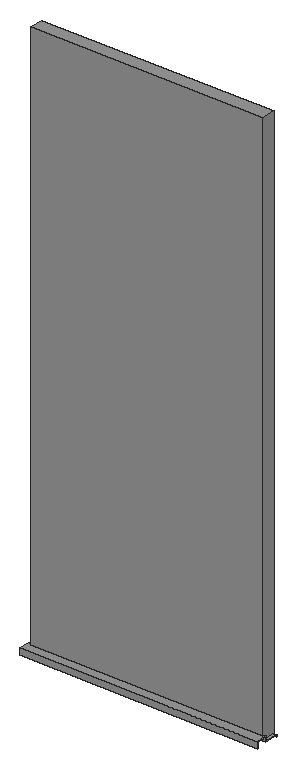
Revit family "Door_Single", category Doors, host Wall, Revit 2020
Family settings
  Host = Wall
  OmniClass Number = 23.30.10.00
  OmniClass Title = Doors
  Always vertical = Yes
  Cut with Voids When Loaded = No
  Shared = No
  Room Calculation Point = No
Parameters
  Threshold - QT1 - Acoustic [instance] = no
  Thickness = 43.00 mm
  Structural Opening Width [instance] = Actual Door Width + 20.00 mm  # 846.00 mm
  Structural Opening Height [instance] = Actual Door Height + 20.00 mm  # 2001.00 mm
  Show Lock = yes
  Lock [instance] = Lock : Standard - 3 Way
  Define Thermal Properties by = Schematic Type
  Analytic Construction = "<None>"
  Threshold - 4 Sided (Default) [instance] = yes
  Threshold - 4 Sided - Acoustic [instance] = no
  Frame - Picture Acoustic Equation [instance] = if(Door Thickness = 87.00 mm, if([Frame - Picture], 1 < 2, 1 > 2), 1 > 2)  # no
  Frame - Picture [instance] = no
  Threshold - QT2 [instance] = no
  Threshold - QT1 [instance] = no
  Product Operation = ""
  Product Fire Rating = ""
  Pre-Intumesced [instance] = no
  Pivot Plane 2 = 17.80 mm
  Pivot Plane 1 = 9.95 mm
  Min Door Width = 450.00 mm
  Min Door Height = 350.00 mm
  Max Door Width = 950.00 mm
  Max Door Height = 2700.00 mm
  IFC Fire Rating = ""
  IFC Export Type = ""
  IFC Export As = ""
  Function = Interior
  Height = 2000.00 mm
  Wall Closure = By host
  Width = 1000.00 mm
  Frame Material [instance] = Gypsum Wall Board
  Frame - Concealed [instance] = if(Door Thickness = 43.00 mm, if([Frame - Picture], 1 > 2, 1 < 2), 1 > 2)  # no
  Frame - Picture Equation [instance] = if(Door Thickness = 43.00 mm, if([Frame - Picture], 1 < 2, 1 > 2), 1 > 2)  # no
  Frame - Concealed - Acoustic [instance] = if(Door Thickness = 87.00 mm, if([Frame - Picture], 1 > 2, 1 < 2), 1 > 2)  # no
  Fire Exit [instance] = no
  Actual Door Width [instance] = if(Door Width < Min Door Width, Min Door Width, if(Door Width > Max Door Width, Max Door Width, Door Width))  # 826.00 mm
  Pivot Swing Length [instance] = Actual Door Width - Pivot Plane 2  # 808.20 mm
  Door Width [instance] = 826.00 mm
  Door Thickness [instance] = 50.00 mm
  Door Restrictor [instance] = no
  Door Material [instance] = Gypsum Wall Board
  Door Height [instance] = 1981.00 mm
  Actual Door Height [instance] = if(Door Height < Min Door Height, Min Door Height, if(Door Height > Max Door Height, Max Door Height, Door Height))  # 1981.00 mm
  Construction Type = "Steel"
  COBie.Type.WarrantyGuarantorParts = ""
  COBie.Type.WarrantyGuarantorLabor = ""
  COBie.Type.WarrantyDurationUnit = ""
  COBie.Type.WarrantyDurationParts = ""
  COBie.Type.WarrantyDurationLabor = ""
  COBie.Type.WarrantyDescription = ""
  COBie.Type.SustainabilityPerformance = ""
  COBie.Type.Size = ""
  COBie.Type.Shape = ""
  COBie.Type.ReplacementCost = 0
  COBie.Type.NominalWidth = 0.00 mm
  COBie.Type.NominalLength = 0.00 mm
  COBie.Type.NominalHeight = 0.00 mm
  COBie.Type.Name = ""
  COBie.Type.ModelReference = ""
  COBie.Type.ModelNumber = ""
  COBie.Type.Material = ""
  COBie.Type.Manufacturer = ""
  COBie.Type.Length = 0.00 mm
  COBie.Type.Grade = ""
  COBie.Type.Finish = ""
  COBie.Type.Features = ""
  COBie.Type.ExternalIdentifier = ""
  COBie.Type.ExpectedLife = ""
  COBie.Type.DurationUnit = ""
  COBie.Type.Description = ""
  COBie.Type.CreatedOn = ""
  COBie.Type.CreatedBy = ""
  COBie.Type.Constituents = ""
  COBie.Type.Color = ""
  COBie.Type.CodePerformance = ""
  COBie.Type.Category = "n/a"
  COBie.Type.AssetType = ""
  COBie.Type.Area = 0.00 m²
  COBie.Type.AccessibilityPerformance = ""
  COBie.Type = yes
  COBie.ExternalIdentifier [instance] = ""
  COBie.CreatedOn [instance] = ""
  COBie.CreatedBy [instance] = ""
  COBie.Component.WarrantyStartDate [instance] = ""
  COBie.Component.TagNumber [instance] = ""
  COBie.Component.Space [instance] = ""
  COBie.Component.SerialNumber [instance] = ""
  COBie.Component.Name [instance] = ""
  COBie.Component.Length [instance] = 0.00 mm
  COBie.Component.InstallationDate [instance] = ""
  COBie.Component.Description [instance] = ""
  COBie.Component.BarCode [instance] = ""
  COBie.Component.AssetIdentifier [instance] = ""
  COBie.Component.Area [instance] = 0.00 m²
  COBie [instance] = yes
  Acoustic Rating [instance] = Door : 35dB - 43mm Door
  3D Door Opening Angle [instance] = 0.00°
  Actual 3D Door Opening Angle [instance] = if([3D Door Opening Angle] > Door Opening Angle Limit, Door Opening Angle Limit, [3D Door Opening Angle])  # 0.00°
  Door Opening Angle Limit = 120.00°
  2D Door Opening Angle [instance] = 90.00°
  Actual 2D Door Opening Angle [instance] = if([2D Door Opening Angle] < 1.00°, 1.00°, if([2D Door Opening Angle] > Door Opening Angle Limit, Door Opening Angle Limit, [2D Door Opening Angle]))  # 90.00°
Reference planes
  plane 1: y = 0
  plane 2 "Center (Left/Right)": x = 0
  plane 3 "Exterior": y = 100
  plane 4 "Interior": y = -100
  plane 5 "Door Width Right": x = 413
  plane 6 "Door Width Left": x = -413
  plane 7 "Door Top": z = 1991
  plane 8: z = 1000.5
  plane 9 "Structural Opening Top": z = 2001
  plane 10 "Door Bottom": z = 10
  plane 11 "Structural Width Left": x = -423
  plane 12 "Structural Opening Right": x = 423
  plane 13 "Pivot Plan 2": x = 395.2
  plane 14 "Pivot Plane 1": y = 90.05
Forms (mm)
  Sweep 1, solid, material "Gypsum Wall Board" <- "Frame Material", visible <- "Frame - Concealed"
    path origin (0, 100, 0) x (1, 0, 0) y (0, 0, 1)
      loop
        line (423, 0) -> (423, 2001) -> (-423, 2001) -> (-423, 0)
    profile "Profie_StandardFrame : Profie_Selo_Quadra_StandardFrame" origin (423, 100, 1000.5) x (-1, 0, 0) y (0, -1, 0)
      loop
        line (0, 84.24) -> (0, 83.04) -> (21.1, 83.04) -> (21.1, 48.44) -> (5.8, 48.44) -> (5.8, 1.2) -> (0, 1.2) -> (0, 0) -> (7, 0) -> (7, 47.24) -> (22.3, 47.24) -> (22.3, 84.24) -> (0, 84.24)
  Sweep 2, solid, material "Gypsum Wall Board" <- "Frame Material", visible <- "Frame - Concealed - Acoustic"
    path origin (0, 100, 0) x (1, 0, 0) y (0, 0, 1)
      loop
        line (423, 0) -> (423, 2001) -> (-423, 2001) -> (-423, 0)
    profile "Profie_AcousticFrame : Profie_Selo_Quadra_AcousticFrame" origin (423, 100, 1000.5) x (-1, 0, 0) y (0, -1, 0)
      loop
        line (5.8, 94.92) -> (5.8, 1.2) -> (0, 1.2) -> (0, 0) -> (7, 0) -> (7, 93.72) -> (37, 93.72) -> (37, 94.92) -> (5.8, 94.92)
  Sweep 3, solid, material "Gypsum Wall Board" <- "Frame Material", visible <- "Frame - Picture Equation"
    path origin (0, 100, 0) x (1, 0, 0) y (0, 0, 1)
      loop
        line (423, 0) -> (423, 2001) -> (-423, 2001) -> (-423, 0)
    profile "Profie_PictureFrame : Profie_Selo_Quadra_PictureFrame" origin (423, 100, 1000.5) x (-1, 0, 0) y (0, -1, 0)
      loop
        line (0, 84.24) -> (0, 83.04) -> (16.5, 83.04) -> (16.5, 48.44) -> (5.8, 48.44) -> (5.8, 0) -> (-28, 0) -> (-28, -1.2) -> (7, -1.2) -> (7, 47.24) -> (17.7, 47.24) -> (17.7, 84.24) -> (0, 84.24)
  Sweep 4, solid, material "Gypsum Wall Board" <- "Frame Material", visible <- "Threshold - 4 Sided (Default)"
    path origin (0, 100, 0) x (1, 0, 0) y (0, 0, 1)
      loop
        line (423, 0) -> (-423, 0)
    profile "Profie_StandardFrame : Profie_Selo_Quadra_StandardFrame" origin (0, 100, 0) x (0, 0, -1) y (0, -1, 0)
      loop
        line (0, 84.24) -> (-22.3, 84.24) -> (-22.3, 47.24) -> (-7, 47.24) -> (-7, 0) -> (0, 0) -> (0, 1.2) -> (-5.8, 1.2) -> (-5.8, 48.44) -> (-21.1, 48.44) -> (-21.1, 83.04) -> (0, 83.04) -> (0, 84.24)
  Sweep 5, solid, material "Gypsum Wall Board" <- "Frame Material", visible <- "Threshold - 4 Sided - Acoustic"
    path origin (0, 100, 0) x (1, 0, 0) y (0, 0, 1)
      loop
        line (423, 0) -> (-423, 0)
    profile "Profie_AcousticFrame : Profie_Selo_Quadra_AcousticFrame" origin (0, 100, 0) x (0, 0, -1) y (0, -1, 0)
      loop
        line (-5.8, 94.92) -> (-37, 94.92) -> (-37, 93.72) -> (-7, 93.72) -> (-7, 0) -> (0, 0) -> (0, 1.2) -> (-5.8, 1.2) -> (-5.8, 94.92)
  Sweep 6, solid, material "Gypsum Wall Board" <- "Frame Material", visible <- "Threshold - QT1"
    path origin (0, 100, 0) x (1, 0, 0) y (0, 0, 1)
      loop
        line (423, 0) -> (-423, 0)
    profile "Profie_QT1Frame : Profie_Selo_Quadra_QT1Frame" origin (0, 100, 0) x (0, 0, -1) y (0, -1, 0)
      loop
        line (0, 84.24) -> (-22.3, 84.24) -> (-22.3, 47.24) -> (-7, 47.24) -> (-7, 0) -> (0, 0) -> (0, 1.2) -> (-5.8, 1.2) -> (-5.8, 48.44) -> (-21.1, 48.44) -> (-21.1, 83.04) -> (0, 83.04) -> (0, 84.24)
  Sweep 7, solid, material "Gypsum Wall Board" <- "Frame Material", visible <- "Threshold - QT2"
    path origin (0, 100, 0) x (1, 0, 0) y (0, 0, 1)
      loop
        line (423, 0) -> (-423, 0)
    profile "Profie_QT2_Threshold : Profie_Selo_Quadra_QT2_Threshold" origin (0, 100, 0) x (0, 0, -1) y (0, -1, 0)
      loop
        line (0, 84.24) -> (-22.3, 84.24) -> (-22.3, 47.24) -> (-7, 47.24) -> (-7, 0) -> (0, 0) -> (0, 1.2) -> (-5.8, 1.2) -> (-5.8, 48.44) -> (-21.1, 48.44) -> (-21.1, 83.04) -> (0, 83.04) -> (0, 84.24)
  Sweep 8, solid, material "Gypsum Wall Board" <- "Frame Material", visible <- "Threshold - QT1 - Acoustic"
    path origin (0, 100, 0) x (1, 0, 0) y (0, 0, 1)
      loop
        line (423, 0) -> (-423, 0)
    profile "Profie_Acoustic_QT1_Threshold : Profie_Selo_Quadra_Acoustic_QT1_Threshold" origin (0, 100, 0) x (0, 0, -1) y (0, -1, 0)
      loop
        line (-5.8, 93.2) -> (-25.8, 93.2) -> (-25.8, 92) -> (-7, 92) -> (-7, 0) -> (0, 0) -> (0, 1.2) -> (-5.8, 1.2) -> (-5.8, 93.2)
  Sweep 9, solid, material "Gypsum Wall Board" <- "Frame Material", visible <- "Frame - Picture Acoustic Equation"
    path origin (0, 100, 0) x (1, 0, 0) y (0, 0, 1)
      loop
        line (423, 0) -> (423, 2001) -> (-423, 2001) -> (-423, 0)
    profile "Profie_Acoustic-Picture_Frame : Profie_Selo_Quadra_Acoustic-Picture_Frame" origin (423, 100, 1000.5) x (-1, 0, 0) y (0, -1, 0)
      loop
        line (0, 84.24) -> (0, 83.04) -> (16.5, 83.04) -> (16.5, 48.44) -> (5.8, 48.44) -> (5.8, 0) -> (-28, 0) -> (-28, -1.2) -> (7, -1.2) -> (7, 47.24) -> (17.7, 47.24) -> (17.7, 84.24) -> (0, 84.24)
Lines and regions (mm)
  Opening 1
    outline origin (-3050, -100, 0) x (1, 0, 0) y (0, 0, 1)
      loop
        line (2627, 0) -> (3473, 0) -> (3473, 2001) -> (2627, 2001) -> (2627, 0)
  symbolic lines, style "Elevation Swing"
    curve 1: line (416, -100, 1000.5) -> (-611, -100, 1641.5)
    curve 2: line (416, -100, 1000.5) -> (-611, -100, 0)
  reference lines, style "Pivot"
    curve 3: line (395.2, 90.05, 0) -> (-413, 90.05, 0)
    curve 4: line (413, 50, 0) -> (413, 100, 0)
Text (mm)
  text "Exterior" at (-2295.016, 1099.543, 0), in view "Ref. Level"
  text "Exterior" at (0, 1615.38, 3698.081), in view "Left"
  text "Exterior" at (0, 1036.032, 3874.932), in view "Right"
Dimensions and locks
  locked: plane 3 "Exterior" to host wall
  locked: plane 4 "Interior" to host wall
  equal spacing: plane 6 "Door Width Left", plane 2 "Center (Left/Right)", plane 5 "Door Width Right"
  "Actual Door Width": plane 6 "Door Width Left" to plane 5 "Door Width Right"
  "Structural Opening Height": level to plane 9 "Structural Opening Top"
  "Actual Door Height": plane 10 "Door Bottom" to plane 7 "Door Top"
  "Structural Opening Width": plane 11 "Structural Width Left" to plane 12 "Structural Opening Right"
  equal spacing: plane 11 "Structural Width Left", plane 2 "Center (Left/Right)", plane 12 "Structural Opening Right"
  equal spacing: level, plane 8, plane 9 "Structural Opening Top"
  equal spacing: plane 10 "Door Bottom", plane 8, plane 7 "Door Top"
  "Pivot Swing Length": curve 3 to curve 3
  "Pivot Plane 2": plane 13 "Pivot Plan 2" to plane 5 "Door Width Right"
  "Pivot Plane 1": plane 14 "Pivot Plane 1" to plane 3 "Exterior"
  "Pivot Plane 2": curve 4 to curve 3
  "Door Thickness": curve 4 to curve 4
  nested 3 to nested 2 = 31.90 mm
  nested 2 to nested 2 = 50.00 mm
  locked: curve 4 to curve 3 (angle 90.00°)
  "Actual 3D Door Opening Angle": angle curve 3 to plane 14 "Pivot Plane 1"
  aligned and locked: plane 1 to host wall
  aligned and locked: level to Opening 1 sketch curve
  aligned and locked: Opening 1 sketch curve to plane 12 "Structural Opening Right"
  aligned and locked: Opening 1 sketch curve to plane 11 "Structural Width Left"
  aligned and locked: plane 9 "Structural Opening Top" to Opening 1 sketch curve
  aligned and locked: plane 14 "Pivot Plane 1" to curve 3
  aligned and locked: plane 13 "Pivot Plan 2" to curve 3
  aligned and locked: plane 2 "Center (Left/Right)" to nested 1
  aligned and locked: plane 3 "Exterior" to nested 1
  aligned and locked: nested 2 to curve 4
  aligned and locked: plane 7 "Door Top" to nested 2
  aligned and locked: level to Sweep 1 sketch curve  (x2)
  aligned and locked: plane 11 "Structural Width Left" to Sweep 1 sketch curve
  aligned and locked: Sweep 1 sketch curve to plane 12 "Structural Opening Right"
  aligned and locked: Sweep 1 sketch curve to plane 9 "Structural Opening Top"
  aligned and locked: level to Sweep 2 sketch curve  (x2)
  aligned and locked: plane 11 "Structural Width Left" to Sweep 2 sketch curve
  aligned and locked: Sweep 2 sketch curve to plane 12 "Structural Opening Right"
  aligned and locked: Sweep 2 sketch curve to plane 9 "Structural Opening Top"
  aligned and locked: level to Sweep 3 sketch curve  (x2)
  aligned and locked: plane 11 "Structural Width Left" to Sweep 3 sketch curve
  aligned and locked: Sweep 3 sketch curve to plane 12 "Structural Opening Right"
  aligned and locked: Sweep 3 sketch curve to plane 9 "Structural Opening Top"
  aligned and locked: Sweep 4 sketch curve to level
  aligned and locked: plane 12 "Structural Opening Right" to Sweep 4 sketch curve
  aligned and locked: plane 11 "Structural Width Left" to Sweep 4 sketch curve
  aligned and locked: Sweep 5 sketch curve to level
  aligned and locked: plane 11 "Structural Width Left" to Sweep 5 sketch curve
  aligned and locked: plane 12 "Structural Opening Right" to Sweep 5 sketch curve
  aligned and locked: Sweep 6 sketch curve to level
  aligned and locked: plane 11 "Structural Width Left" to Sweep 6 sketch curve
  aligned and locked: plane 12 "Structural Opening Right" to Sweep 6 sketch curve
  aligned and locked: plane 12 "Structural Opening Right" to Sweep 7 sketch curve
  aligned and locked: Sweep 7 sketch curve to level
  aligned and locked: plane 11 "Structural Width Left" to Sweep 7 sketch curve
  aligned and locked: plane 12 "Structural Opening Right" to Sweep 8 sketch curve
  aligned and locked: Sweep 8 sketch curve to level
  aligned and locked: plane 11 "Structural Width Left" to Sweep 8 sketch curve
  aligned and locked: level to Sweep 9 sketch curve  (x2)
  aligned and locked: plane 11 "Structural Width Left" to Sweep 9 sketch curve
  aligned and locked: Sweep 9 sketch curve to plane 12 "Structural Opening Right"
  aligned and locked: Sweep 9 sketch curve to plane 9 "Structural Opening Top"
Automatic sketch dimensions
  curve 2 to plane 5 "Door Width Right" = 3.00 mm
  curve 2 to plane 8 = 0.00 mm
  curve 4 to curve 3 = 9.95 mm
  curve 2 to level = 0.00 mm
  curve 1 to plane 11 "Structural Width Left" = 188.00 mm
  plane 8 to curve 1 = 641.00 mm
  curve 2 to plane 11 "Structural Width Left" = 188.00 mm
Nested families
  nested 1: "SingleDoor_FloorPlan" at (500, 100, 10), type "Selo_SingleDoor_FloorPlan"
    with 2D Door Opening Angle Limit 120.00°, 2D Door Opening Angle Equation 90.00°, Thickness 50.00 mm, Pivot Swing Length 808.20 mm, Height 1981.00 mm, Door Width 826.00 mm
  nested 2: "Door" at (-413, 100, 10), Door Material <- "Door Material", type "35dB - 43mm Door"
    with Door Material Gypsum Wall Board, Door Thickness 50.00 mm
  nested 3: "Lock" at (-381.1, 100, 1000) x (1, 0, 0) z (0, 1, 0), visible <- "Show Lock", type "Standard - 3 Way"
Definition of nested family "Door"
  Parameters (values of type "48dB - 87mm Door")
    Width = 950.00 mm
    Thickness = 87.40 mm
    Pivot Plane 1 = 9.95 mm
    Height = 2700.00 mm
    Door Width = 950.00 mm
    Door Thickness = 87.40 mm
    Door Material [instance] = none
    Door Height = 2700.00 mm
    Define Thermal Properties by = 1
    Default Elevation = 1219.20 mm
    Analytic Construction = "<None>"
  Types (5, lengths in mm): name | Thickness | Door Width | Door Thickness | Door Height
    48dB - 87mm Door | 87.40 | 950.00 | 87.40 | 2700.00
    47dB - 87mm Door | 87.40 | 950.00 | 87.40 | 2700.00
    39dB - 43mm Door | 43.00 | 950.00 | 43.00 | 2700.00
    36dB - 43mm Door | 43.00 | 950.00 | 43.00 | 2700.00
    35dB - 43mm Door | 43.00 | 826.00 | 43.00 | 1981.00
  Reference planes
    plane 1 "Center (Front/Back)": y = 0
    plane 2: z = 0
    plane 3 "Center (Left/Right)": x = 0
    plane 4: z = 2700
    plane 5: x = 950
    plane 6 "Pivot Plane 1": y = -9.95
  Forms (mm)
    Extrusion 1, solid, material <- "Door Material"
      sketch origin (0, 0, 0) x (1, 0, 0) y (0, 0, 1)
        loop
          line (0, 2700) -> (0, 0) -> (950, 0) -> (950, 2700) -> (0, 2700)
      from 0 to 87.4 <- "Door Thickness"
  Dimensions and locks
    "Door Width": plane 5 to plane 3 "Center (Left/Right)"
    "Door Height": plane 4 to level
    "Pivot Plane 1": plane 6 "Pivot Plane 1" to plane 1 "Center (Front/Back)"
    aligned and locked: level to plane 2
    aligned and locked: Extrusion 1 sketch curve to plane 4
    aligned and locked: Extrusion 1 sketch curve to plane 3 "Center (Left/Right)"
    aligned and locked: Extrusion 1 sketch curve to level
    aligned and locked: Extrusion 1 sketch curve to plane 5
Definition of nested family "Lock"
  Parameters (values of type "Concealed - Euro")
    Show Lock = yes
    Door Thickness = 43.00 mm
    Default Elevation = 1000.00 mm
  Types (8): name
    Standard - 3 Way
    Standard - Euro
    Standard - Semi Secure
    Standard - FB2
    Concealed - 3 Way
    Concealed - Semi Secure
    Concealed - FB2
    Concealed - Euro
  Reference planes
    plane 1 "Center (Front/Back)": y = 0
    plane 2: z = 0
    plane 3 "Center (Left/Right)": x = 0
    plane 4: z = -43
  Forms (mm)
    Extrusion 1, solid
      sketch origin (0, 0, 0) x (1, 0, 0) y (0, 1, 0)
        loop
          line (-110, 112.628) -> (-110, -135.133) -> (119.482, -135.133) -> (119.482, 112.628) -> (-110, 112.628)
      from 0 to -43
    Extrusion 2, solid, visible <- "Show Lock"
      sketch origin (0, 0, 0) x (1, 0, 0) y (0, 1, 0)
        loop
          arc (-5, 8.078) -> (0, -9.5) -> (5, 8.078) r 9.5
          line (5, 8.078) -> (5, 20.464)
          arc (5, 20.464) -> (0, 25.464) -> (-5, 20.464) r 5
          line (-5, 20.464) -> (-5, 8.078)
        loop
          circle (0, -59.668) r 8
      from 0.5 to -43
  Dimensions and locks
    Extrusion 2 sketch curve to plane 1 "Center (Front/Back)" = 20.464 mm
    "Door Thickness": level to plane 4
    plane 1 "Center (Front/Back)" to Extrusion 2 sketch curve = 59.668 mm
    radius of Extrusion 2 sketch curve = 9.50 mm
    radius of Extrusion 2 sketch curve = 5.00 mm
    aligned and locked: plane 2 to Extrusion 1
    aligned and locked: level to Extrusion 1
    aligned and locked: Extrusion 1 to Extrusion 2
  Automatic sketch dimensions
    Extrusion 1 sketch curve to Extrusion 1 sketch curve = 229.482 mm
    Extrusion 1 sketch curve to Extrusion 1 sketch curve = 247.762 mm
    Extrusion 2 sketch curve to plane 1 "Center (Front/Back)" = 8.078 mm
    Extrusion 2 sketch curve to plane 3 "Center (Left/Right)" = 5.00 mm
    Extrusion 2 sketch curve to Extrusion 2 sketch curve = 5.00 mm
    Extrusion 2 sketch curve to Extrusion 2 sketch curve = 0.00 mm
    radius of Extrusion 2 sketch curve = 8.00 mm
Definition of nested family "SingleDoor_FloorPlan"
  Parameters (values of type "Selo_SingleDoor_FloorPlan")
    Width = 1500.00 mm
    Thickness = 43.00 mm
    Pivot Swing Length = Door Width - Pivot Plane 2  # 932.20 mm
    Pivot Plane 2 = 17.80 mm
    Pivot Plane 1 = 9.95 mm
    Height = 2700.00 mm
    Door Width = 950.00 mm
    Default Elevation = 0.00 mm
    2D Door Opening Angle Limit [instance] = 120.00°
    2D Door Opening Angle = 90.00°
    2D Door Opening Angle Equation [instance] = if([2D Door Opening Angle] < 1.00°, 1.00°, if([2D Door Opening Angle] > [2D Door Opening Angle Limit], [2D Door Opening Angle Limit], [2D Door Opening Angle]))  # 90.00°
  Reference planes
    plane 1 "Center (Front/Back)": y = 0
    plane 2: z = 0
    plane 3 "Center (Left/Right)": x = -25
    plane 4: x = -975
    plane 5: x = -500
    plane 6: y = -9.95
    plane 7: x = -42.8
  Lines and regions (mm)
    Masking region 1
      outline origin (0, 0, 0) x (1, 0, 0) y (0, 1, 0)
        loop
          line (-75.85, -27.75) -> (-32.85, -27.75) -> (-32.85, 922.25) -> (-75.85, 922.25) -> (-75.85, -27.75)
    reference lines
      curve 1: line (-32.85, 922.25, 0) -> (-32.85, -27.75, 0)
      curve 2: line (-32.85, -27.75, 0) -> (-75.85, -27.75, 0)
      curve 3: line (-75.85, -27.75, 0) -> (-75.85, 922.25, 0)
      curve 4: line (-75.85, 922.25, 0) -> (-32.85, 922.25, 0)
      curve 5: circle (-42.8, -9.95, 0) r 6 normal (0, 0, 1)
    symbolic lines
      curve 6: arc (-975, -9.95, 0) -> (-701.965, 649.215, 0) -> (-42.8, 922.25, 0) r 932.2
  Dimensions and locks
    "Door Width": plane 4 to plane 3 "Center (Left/Right)"
    equal spacing: plane 4, plane 5, plane 3 "Center (Left/Right)"
    "Door Width": curve 4 to curve 2
    "Thickness": curve 3 to curve 1
    "Pivot Plane 2": curve 2 to curve 5
    "Pivot Plane 1": curve 1 to curve 5
    "Pivot Plane 1": curve 5 to plane 1 "Center (Front/Back)"
    "Pivot Plane 2": curve 5 to plane 3 "Center (Left/Right)"
    "Pivot Plane 1": plane 6 to plane 1 "Center (Front/Back)"
    "Pivot Plane 2": plane 7 to plane 3 "Center (Left/Right)"
    "Pivot Swing Length": radius of curve 6
    locked: curve 3 to curve 4 (angle 90.00°)
    locked: curve 1 to curve 2 (angle 90.00°)
    locked: curve 2 to curve 3 (angle 90.00°)
    "2D Door Opening Angle Equation": angle curve 1 to plane 1 "Center (Front/Back)"
    "2D Door Opening Angle Equation": angle curve 6 to curve 6
    aligned and locked: level to plane 2
    aligned and locked: Masking region 1 sketch curve to curve 3
    aligned and locked: Masking region 1 sketch curve to curve 4
    aligned and locked: Masking region 1 sketch curve to curve 2
    aligned and locked: Masking region 1 sketch curve to curve 1
    aligned and locked: plane 6 to curve 6  (x2)
    aligned and locked: plane 7 to curve 6
  Automatic sketch dimensions
    radius of curve 5 = 6.00 mm
